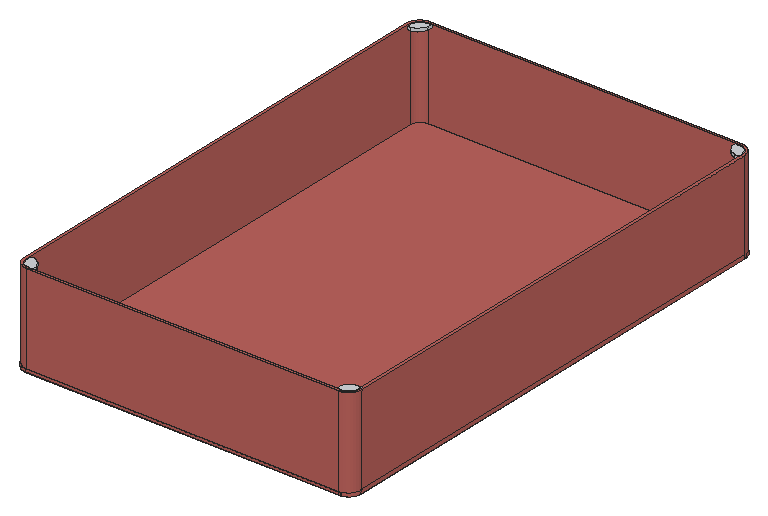
Revit family "Building-RicaricaVeicoliElettrici-GEWISS-JOINON-ICON_SCATOLA-INCASSO", category Apparecchi elettrici, host Superficie, Revit 2019
Family settings
  Host = Superficie
  Mantenere orientamento annotazione = Sì
  Quota connettore circolare = Usa diametro
  Tipo di parte = Normale
  Numero OmniClass = 23.80.30.14.24
  Titolo OmniClass = Junction Boxes
  Taglio con vuoti quando caricato = No
  Condiviso = No
  Punto di calcolo locali = Sì
Parameters (values of type "GWJ8101 - SCATOLA INCASSO I-CON")
  Voltaggio = 0 V
  Versione file RFA = "19.4"
  VISTA DI PIANTA [instance] = yes
  URL = "https://www.gewiss.com/it/it"
  Scheda Tecnica = "https://www.gewiss.com/it/it/search?q=GWJ8101"
  SIMBOLO [instance] = yes
  Produttore = "GEWISS S.p.A."
  Modello = "GWJ8101"
  Immagine tipo = ICON_SCATOLA.jpg
  Tappo = GEWISS - BIANCO RAL 9016
  Scatola = ROSSO RAL 3000
  Default Elevation = 1219.2 mm
  Profondità = 75 mm
  Lunghezza = 273 mm
  Larghezza = 408 mm
  IDT = "52568c1f-1458-40a9-8f05-5bfcde2eb16d"
  IDF = "c2023f01-ca11-4478-8355-9b68cf0f2e0f"
  Distanza orizzontale del simbolo [instance] = 329.446 mm
  Distanza dal muro [instance] = 4.208 mm
  Descrizione: = "Scatola da incasso I-CON"
  Descrizione = "SCATOLA INCASSO I-CON"
  Creato da GEWISS S.p.A. = ""
  Codice Electrocod = "2242"
  Codice EAN = "8034035070815"
  Classificazione = Other
  Catalogo = "E-MOBILITY"
  Carico apparente = 0 VA
  CORNICE SIMBOLO [instance] = yes
  COBie.Tagnumber = ""
  COBie.CreatedOn = ""
  COBie.CreatebBy = ""
  COBie.ComponentRegisterItemID = ""
  COBie.Component.TagNumber = ""
  COBie.Component.Space = ""
  COBie.Component.SerialNumber = ""
  COBie.Component.InstallationDate = ""
  COBie.Component.Description = ""
  COBie.Component.BarCode = ""
  Bordo = 4 mm
  Adatto per = "WallBox I-CON"
Reference planes
  plane 1 "Centro (Fronte/Retro)": y = 0
  plane 2: z = 0
  plane 3 "Centro (Sinistra/Destra)": x = 0
  plane 4: x = -136.5
  plane 5: y = -204
  plane 6: x = 136.5
  plane 7: y = 204
  plane 8: y = 201.823
  plane 9: x = 134.323
  plane 10: y = -201.823
  plane 11: x = -134.323
  plane 12: z = -75
  plane 13: y = 196
  plane 14: y = -196
  plane 15: x = -128.447
  plane 16: x = 128.447
  plane 17: x = -146.5
  plane 18: y = -214
  plane 19: x = 146.5
  plane 20: y = 214
  plane 21: z = 2
  plane 22: x = -329.446
  plane 23: z = -72.563
Forms (mm)
  Extrusion 1, void
    sketch origin (0, 0, 0) x (1, 0, 0) y (0, 1, 0)
      loop
        line (-136.5, 193.5) -> (-136.5, -193.5)
        arc (-136.5, -193.5) -> (-133.425, -200.925) -> (-126, -204) r 10.5
        line (-126, -204) -> (126, -204)
        arc (126, -204) -> (133.425, -200.925) -> (136.5, -193.5) r 10.5
        line (136.5, -193.5) -> (136.5, 193.5)
        arc (136.5, 193.5) -> (133.425, 200.925) -> (126, 204) r 10.5
        line (126, 204) -> (-126, 204)
        arc (-126, 204) -> (-133.425, 200.925) -> (-136.5, 193.5) r 10.5
    from -75 to 0
  Extrusion 2, solid, material "ROSSO RAL 3000" <- "Scatola"
    sketch origin (0, 0, 0) x (1, 0, 0) y (0, 1, 0)
      loop
        arc (-126, 204) -> (-133.425, 200.925) -> (-136.5, 193.5) r 10.5
        line (-136.5, 193.5) -> (-136.5, -193.5)
        arc (-136.5, -193.5) -> (-133.425, -200.925) -> (-126, -204) r 10.5
        line (-126, -204) -> (126, -204)
        arc (126, -204) -> (133.425, -200.925) -> (136.5, -193.5) r 10.5
        line (136.5, -193.5) -> (136.5, 193.5)
        arc (136.5, 193.5) -> (133.425, 200.925) -> (126, 204) r 10.5
        line (126, 204) -> (-126, 204)
      loop
        arc (-126, 201.823) -> (-131.886, 199.386) -> (-134.323, 193.5) r 8.323
        line (-134.323, 193.5) -> (-134.323, -193.5)
        arc (-134.323, -193.5) -> (-131.886, -199.386) -> (-126, -201.823) r 8.323
        line (-126, -201.823) -> (126, -201.823)
        arc (126, -201.823) -> (131.886, -199.386) -> (134.323, -193.5) r 8.323
        line (134.323, -193.5) -> (134.323, 193.5)
        arc (134.323, 193.5) -> (131.886, 199.386) -> (126, 201.823) r 8.323
        line (126, 201.823) -> (-126, 201.823)
    from -75 to 0
  Extrusion 3, solid
    sketch origin (0, 0, 0) x (1, 0, 0) y (0, 1, 0)
      loop
        line (-134.323, 190.384) -> (-131.092, 190.384)
        arc (-131.092, 190.384) -> (-126.164, 193.157) -> (-123.096, 197.907) r 11.782
        line (-123.096, 197.907) -> (-123.096, 201.823) -> (-126, 201.823)
        arc (-126, 201.823) -> (-131.886, 199.386) -> (-134.323, 193.5) r 8.323
        line (-134.323, 193.5) -> (-134.323, 190.384)
      loop
        line (134.323, 190.384) -> (134.323, 193.5)
        arc (134.323, 193.5) -> (131.886, 199.386) -> (126, 201.823) r 8.323
        line (126, 201.823) -> (123.096, 201.823) -> (123.096, 197.907)
        arc (123.096, 197.907) -> (126.164, 193.157) -> (131.092, 190.384) r 11.782
        line (131.092, 190.384) -> (134.323, 190.384)
      loop
        line (-134.323, -190.384) -> (-134.323, -193.5)
        arc (-134.323, -193.5) -> (-131.886, -199.386) -> (-126, -201.823) r 8.323
        line (-126, -201.823) -> (-123.096, -201.823) -> (-123.096, -197.907)
        arc (-123.096, -197.907) -> (-126.164, -193.157) -> (-131.092, -190.384) r 11.782
        line (-131.092, -190.384) -> (-134.323, -190.384)
      loop
        line (134.323, -190.384) -> (131.092, -190.384)
        arc (131.092, -190.384) -> (126.164, -193.157) -> (123.096, -197.907) r 11.782
        line (123.096, -197.907) -> (123.096, -201.823) -> (126, -201.823)
        arc (126, -201.823) -> (131.886, -199.386) -> (134.323, -193.5) r 8.323
        line (134.323, -193.5) -> (134.323, -190.384)
    from -2.208 to 0
  Extrusion 4, void
    sketch origin (0, 0, 0) x (1, 0, 0) y (0, 1, 0)
      loop
        circle (-128.447, 196) r 2.408
      loop
        circle (128.447, 196) r 2.408
      loop
        circle (-128.447, -196) r 2.408
      loop
        circle (128.447, -196) r 2.408
    from -2.208 to 2
  Extrusion 5, solid, material "ROSSO RAL 3000" <- "Scatola"
    sketch origin (0, 0, 0) x (1, 0, 0) y (0, 1, 0)
      loop
        line (126.5, 204) -> (-126.5, 204)
        arc (-126.5, 204) -> (-133.571, 201.071) -> (-136.5, 194) r 10
        line (-136.5, 194) -> (-136.5, -194)
        arc (-136.5, -194) -> (-133.571, -201.071) -> (-126.5, -204) r 10
        line (-126.5, -204) -> (126.5, -204)
        arc (126.5, -204) -> (133.571, -201.071) -> (136.5, -194) r 10
        line (136.5, -194) -> (136.5, 194)
        arc (136.5, 194) -> (133.571, 201.071) -> (126.5, 204) r 10
    from -75 to -72.563
Lines and regions (mm)
  Masking region 1, visible <- "VISTA DI PIANTA"
    outline origin (0, 0, 0) x (1, 0, 0) y (0, 0, 1)
      loop
        line (-136.5, -75) -> (136.5, -75) -> (136.5, 0) -> (-136.5, 0) -> (-136.5, -75)
  Masking region 2, visible <- "VISTA DI PIANTA"
    outline origin (0, 0, 0) x (1, 0, 0) y (0, 0, 1)
      loop
        line (-146.5, 0) -> (146.5, 0) -> (146.5, 2) -> (-146.5, 2) -> (-146.5, 0)
  Masking region 3
    outline origin (0, 0, 0) x (0, 1, 0) y (0, 0, 1)
      loop
        line (-204, -75) -> (204, -75) -> (204, 0) -> (-204, 0) -> (-204, -75)
  Masking region 4
    outline origin (0, 0, 0) x (0, 1, 0) y (0, 0, 1)
      loop
        line (-214, 0) -> (214, 0) -> (214, 2) -> (-214, 2) -> (-214, 0)
Dimensions and locks
  equal spacing: plane 7, plane 1 "Centro (Fronte/Retro)", plane 5
  equal spacing: plane 4, plane 3 "Centro (Sinistra/Destra)", plane 6
  "Lunghezza": plane 4 to plane 6
  "Larghezza": plane 7 to plane 5
  plane 4 to plane 11 = 2.177 mm  (x2)
  plane 9 to plane 6 = 2.177 mm  (x2)
  plane 10 to plane 5 = 2.177 mm
  plane 7 to plane 8 = 2.177 mm
  "Profondità": plane 2 to plane 12
  locked: plane 11 to plane 15 at 5.876
  locked: plane 7 to plane 13 at 8
  locked: plane 14 to plane 5 at 8
  locked: plane 16 to plane 6 at 8.053
  locked: plane 2 to Extrusion 3 at 2.208
  locked: plane 20 to plane 7 at 10
  locked: plane 17 to plane 4 at 10
  locked: plane 5 to plane 18 at 10
  locked: plane 6 to plane 19 at 10
  plane 21 to plane 2 = 2 mm
  "Distanza orizzontale del simbolo": plane 22 to plane 3 "Centro (Sinistra/Destra)"
  aligned and locked: plane 2 to host face
  aligned and locked: level to host face
  aligned and locked: Extrusion 1 sketch curve to plane 4
  aligned and locked: Extrusion 1 sketch curve to plane 7
  aligned and locked: Extrusion 1 sketch curve to plane 6
  aligned and locked: Extrusion 1 sketch curve to plane 5
  aligned and locked: Extrusion 1 to plane 12
  aligned and locked: plane 2 to Extrusion 1
  aligned and locked: Extrusion 2 sketch curve to plane 4
  aligned and locked: Extrusion 2 sketch curve to plane 11
  aligned and locked: Extrusion 2 sketch curve to plane 10
  aligned and locked: Extrusion 2 sketch curve to plane 5
  aligned and locked: Extrusion 2 sketch curve to plane 6
  aligned and locked: Extrusion 2 sketch curve to plane 9
  aligned and locked: Extrusion 2 sketch curve to plane 8
  aligned and locked: Extrusion 2 sketch curve to plane 7
  aligned and locked: Extrusion 2 to plane 12
  aligned and locked: plane 2 to Extrusion 2
  aligned and locked: plane 11 to Extrusion 3 sketch curve  (x2)
  aligned and locked: Extrusion 3 sketch curve to plane 8  (x2)
  aligned and locked: Extrusion 3 sketch curve to plane 10  (x2)
  aligned and locked: plane 9 to Extrusion 3 sketch curve  (x2)
  aligned and locked: plane 2 to Extrusion 3
  aligned and locked: plane 15 to Extrusion 4 sketch curve
  aligned and locked: plane 13 to Extrusion 4 sketch curve
  aligned and locked: Extrusion 4 sketch curve to plane 16
  aligned and locked: Extrusion 4 sketch curve to plane 13
  aligned and locked: plane 14 to Extrusion 4 sketch curve
  aligned and locked: plane 16 to Extrusion 4 sketch curve
  aligned and locked: Extrusion 4 sketch curve to plane 15
  aligned and locked: Extrusion 4 sketch curve to plane 14
  aligned and locked: Extrusion 3 to Extrusion 4
  aligned and locked: plane 21 to Extrusion 4
  aligned and locked: Masking region 1 sketch curve to Extrusion 2  (x4)
  aligned and locked: Masking region 3 sketch curve to Extrusion 2  (x4)
  aligned and locked: plane 3 "Centro (Sinistra/Destra)" to nested 1
  aligned and locked: plane 1 "Centro (Fronte/Retro)" to nested 1
  aligned and locked: Extrusion 5 sketch curve to nested 1  (x4)
  aligned and locked: Extrusion 5 to plane 12
  aligned and locked: plane 23 to Extrusion 5
Automatic sketch dimensions
  host sketch curve to host sketch curve = 2438.4 mm  (x2)
  Extrusion 1 sketch curve to Extrusion 1 sketch curve = 0 mm  (x3)
  plane 11 to Extrusion 1 sketch curve = 8.323 mm
  Extrusion 2 sketch curve to Extrusion 2 sketch curve = 0 mm  (x13)
  Extrusion 2 sketch curve to plane 9 = 0 mm
  plane 10 to Extrusion 2 sketch curve = 0 mm
  plane 5 to Extrusion 2 sketch curve = 10.5 mm  (x2)
  Extrusion 2 sketch curve to plane 7 = 10.5 mm  (x2)
  plane 4 to Extrusion 2 sketch curve = 10.5 mm
  plane 11 to Extrusion 2 sketch curve = 8.323 mm
  Extrusion 2 sketch curve to plane 6 = 10.5 mm
  plane 11 to Extrusion 2 sketch curve = 0 mm  (x2)
  plane 11 to Extrusion 3 sketch curve = 0.085 mm  (x2)
  Extrusion 3 sketch curve to plane 15 = 2.645 mm  (x2)
  plane 15 to Extrusion 3 sketch curve = 2.447 mm  (x2)
  Extrusion 3 sketch curve to Extrusion 3 sketch curve = 2.904 mm  (x2)
  plane 16 to Extrusion 3 sketch curve = 5.351 mm  (x2)
  plane 16 to Extrusion 3 sketch curve = 2.447 mm  (x2)
  Extrusion 3 sketch curve to plane 16 = 2.645 mm  (x2)
  Extrusion 3 sketch curve to plane 9 = 0.085 mm  (x2)
  plane 10 to Extrusion 3 sketch curve = 0.085 mm  (x2)
  plane 14 to Extrusion 3 sketch curve = 1.907 mm  (x2)
  Extrusion 3 sketch curve to plane 14 = 2.5 mm  (x2)
  Extrusion 3 sketch curve to plane 13 = 5.616 mm  (x2)
  Extrusion 3 sketch curve to plane 13 = 2.5 mm  (x2)
  plane 13 to Extrusion 3 sketch curve = 1.907 mm  (x2)
  plane 11 to Extrusion 3 sketch curve = 0 mm
  Extrusion 3 sketch curve to Extrusion 3 sketch curve = 0 mm  (x11)
  Masking region 2 sketch curve to plane 17 = 0 mm
  plane 19 to Masking region 2 sketch curve = 0 mm
  Masking region 2 sketch curve to level = 0 mm
  Masking region 2 sketch curve to plane 21 = 0 mm
  Masking region 4 sketch curve to plane 18 = 0 mm
  Masking region 4 sketch curve to plane 20 = 0 mm
  Masking region 4 sketch curve to level = 0 mm
  Masking region 4 sketch curve to plane 21 = 0 mm
  Extrusion 5 sketch curve to Extrusion 5 sketch curve = 0 mm
  radius of Extrusion 4 sketch curve = 2.408 mm  (x4)
Nested families
  nested 1: "2D - 48PTDIN CASSETTE DERIVAZIONE INCASSO" at (0, 0, 0), Larghezza <- "Larghezza", Lunghezza <- "Lunghezza", type "BIDIMENSIONALE"
    with Lunghezza 273 mm, Larghezza 408 mm
Connectors
  electrical at (0, 0, -75), driven by "Voltaggio", driven by "Classificazione", driven by "Carico apparente"
    settings: on host face, index 1, voltage 0 V, apparent load 0 VA, apparent load phase1 0 VA, apparent load phase2 0 VA, apparent load phase3 0 VA, power factor 1, load classification "Other", number of poles 1, system type 31, power factor state 1, is connector primary yes, connector utility no, sub classification motor no, connector description ""
Definition of nested family "2D - 48PTDIN CASSETTE DERIVAZIONE INCASSO"
  Parameters (values of type "BIDIMENSIONALE")
    Lunghezza [instance] = 240 mm
    Larghezza [instance] = 200 mm
  Reference planes
    plane 1 "Centro (Fronte/Retro)": y = 0
    plane 2: z = 0
    plane 3 "Centro (Sinistra/Destra)": x = 0
    plane 4: x = -120
    plane 5: x = 120
    plane 6: y = 100
    plane 7: y = -100
  Lines and regions (mm)
    detail lines, in view "Livello rif.", not visible
      curve 1: arc (-58.896, -2.752, 0) -> (-58.521, -2.777, 0) -> (-58.147, -2.752, 0) r 2.777
      curve 2: line (-58.896, 2.752, 0) -> (-58.896, 0.471, 0)
      curve 3: line (-58.896, 0.471, 0) -> (-60.229, 0.471, 0)
      curve 4: line (-60.229, 0.471, 0) -> (-60.229, -0.471, 0)
      curve 5: line (-58.147, 2.752, 0) -> (-58.147, 0.471, 0)
      curve 6: line (-58.147, 0.471, 0) -> (-56.814, 0.471, 0)
      curve 7: line (-58.147, -2.752, 0) -> (-58.147, -0.471, 0)
      curve 8: line (-58.147, -0.471, 0) -> (-56.814, -0.471, 0)
      curve 9: line (-58.896, -2.752, 0) -> (-58.896, -0.471, 0)
      curve 10: line (-58.896, -0.471, 0) -> (-60.229, -0.471, 0)
      curve 11: line (-56.814, 0.471, 0) -> (-56.814, -0.471, 0)
      curve 12: arc (-58.147, -2.752, 0) -> (-55.744, 0, 0) -> (-58.147, 2.752, 0) r 2.777
      curve 13: arc (-58.896, 2.752, 0) -> (-61.298, 0, 0) -> (-58.896, -2.752, 0) r 2.777
      curve 14: arc (-58.147, 2.752, 0) -> (-58.521, 2.777, 0) -> (-58.896, 2.752, 0) r 2.777
      curve 15: line (-52.546, 11.442, 0) -> (-49.625, 8.458, 0)
      curve 16: line (-50.324, 7.759, 0) -> (-52.991, 10.426, 0)
      curve 17: line (-52.991, 10.426, 0) -> (-52.546, 11.442, 0)
      curve 18: line (-37.306, 8.14, 0) -> (-36.607, 7.441, 0)
      curve 19: arc (-49.625, 8.458, 0) -> (-43.53, 5.801, 0) -> (-37.306, 8.14, 0) r 8.848
      curve 20: arc (-50.324, 7.759, 0) -> (-43.53, 4.813, 0) -> (-36.607, 7.441, 0) r 9.835
      curve 21: line (-39.92, 24.089, 0) -> (-36.936, 21.168, 0)
      curve 22: line (-36.237, 21.867, 0) -> (-38.904, 24.534, 0)
      curve 23: line (-38.904, 24.534, 0) -> (-39.92, 24.089, 0)
      curve 24: line (-36.618, 8.849, 0) -> (-35.919, 8.15, 0)
      curve 25: arc (-36.936, 21.168, 0) -> (-34.28, 15.073, 0) -> (-36.618, 8.849, 0) r 8.848
      curve 26: arc (-36.237, 21.867, 0) -> (-33.292, 15.073, 0) -> (-35.919, 8.15, 0) r 9.835
      curve 411: arc (-88, -219.002, 0) -> (-95.071, -221.931, 0) -> (-98, -229.002, 0) r 10
      curve 412: arc (98, -229.002, 0) -> (95.071, -221.931, 0) -> (88, -219.002, 0) r 10
      curve 413: arc (88, -371.002, 0) -> (95.071, -368.073, 0) -> (98, -361.002, 0) r 10
      curve 414: arc (-98, -361.002, 0) -> (-95.071, -368.073, 0) -> (-88, -371.002, 0) r 10
      curve 415: arc (86.883, -363.908, 0) -> (86.878, -366.121, 0) -> (89.09, -366.122, 0) r 1.563
      curve 416: arc (93.118, -362.095, 0) -> (93.122, -359.883, 0) -> (90.91, -359.881, 0) r 1.563
      curve 417: arc (-90.907, -359.884, 0) -> (-93.119, -359.88, 0) -> (-93.12, -362.092, 0) r 1.563
      curve 418: arc (-89.093, -366.119, 0) -> (-86.881, -366.124, 0) -> (-86.88, -363.912, 0) r 1.563
      curve 419: arc (90.907, -230.119, 0) -> (93.117, -230.125, 0) -> (93.123, -227.915, 0) r 1.563
      curve 420: arc (89.093, -223.884, 0) -> (86.883, -223.878, 0) -> (86.876, -226.088, 0) r 1.563
      curve 421: arc (-86.88, -226.092, 0) -> (-86.882, -223.878, 0) -> (-89.095, -223.886, 0) r 1.563
      curve 422: arc (-93.12, -227.912, 0) -> (-93.118, -230.125, 0) -> (-90.905, -230.117, 0) r 1.563
      curve 423: arc (87.998, -368.627, 0) -> (93.394, -366.392, 0) -> (95.629, -360.996, 0) r 7.631
      curve 424: arc (-95.624, -361.003, 0) -> (-93.392, -366.394, 0) -> (-88.001, -368.627, 0) r 7.624
      curve 425: arc (95.629, -228.995, 0) -> (93.396, -223.606, 0) -> (88.007, -221.373, 0) r 7.622
      curve 426: arc (-87.994, -221.373, 0) -> (-93.39, -223.608, 0) -> (-95.624, -229.004, 0) r 7.63
      curve 427: arc (90.462, -358.039, 0) -> (87.315, -360.317, 0) -> (85.037, -363.463, 0) r 12.282
      curve 428: arc (94.229, -357.078, 0) -> (93.406, -357.124, 0) -> (92.588, -357.226, 0) r 12.113
      curve 429: arc (84.225, -365.59, 0) -> (84.122, -366.409, 0) -> (84.076, -367.234, 0) r 12.113
      curve 430: arc (-85.037, -363.463, 0) -> (-87.315, -360.317, 0) -> (-90.462, -358.039, 0) r 12.282
      curve 431: arc (-92.588, -357.226, 0) -> (-93.406, -357.124, 0) -> (-94.229, -357.078, 0) r 12.113
      curve 432: arc (-84.076, -367.235, 0) -> (-84.122, -366.41, 0) -> (-84.225, -365.59, 0) r 12.113
      curve 433: arc (85.037, -226.54, 0) -> (87.315, -229.686, 0) -> (90.462, -231.964, 0) r 12.282
      curve 434: arc (92.588, -232.777, 0) -> (93.406, -232.879, 0) -> (94.229, -232.925, 0) r 12.113
      curve 435: arc (84.076, -222.769, 0) -> (84.122, -223.594, 0) -> (84.225, -224.414, 0) r 12.113
      curve 436: arc (-90.462, -231.964, 0) -> (-87.315, -229.686, 0) -> (-85.037, -226.54, 0) r 12.282
      curve 437: arc (-94.229, -232.925, 0) -> (-93.406, -232.879, 0) -> (-92.588, -232.777, 0) r 12.113
      curve 438: arc (-84.225, -224.413, 0) -> (-84.122, -223.594, 0) -> (-84.076, -222.769, 0) r 12.113
      curve 439: arc (84.425, -364.963, 0) -> (84.32, -365.275, 0) -> (84.225, -365.59, 0) r 12.26
      curve 440: arc (84.225, -224.414, 0) -> (84.32, -224.728, 0) -> (84.425, -225.04, 0) r 12.26
      curve 441: arc (-84.225, -365.59, 0) -> (-84.32, -365.275, 0) -> (-84.425, -364.963, 0) r 12.26
      curve 442: arc (-84.425, -225.04, 0) -> (-84.32, -224.728, 0) -> (-84.225, -224.413, 0) r 12.26
      curve 443: arc (84.076, -367.234, 0) -> (84.003, -367.833, 0) -> (83.959, -368.434, 0) r 12.054
      curve 444: arc (-83.959, -368.434, 0) -> (-84.003, -367.833, 0) -> (-84.076, -367.235, 0) r 12.054
      curve 445: arc (94.229, -232.925, 0) -> (94.828, -232.999, 0) -> (95.43, -233.043, 0) r 12.055
      curve 446: arc (91.962, -232.577, 0) -> (92.274, -232.681, 0) -> (92.588, -232.777, 0) r 12.26
      curve 447: arc (92.588, -357.226, 0) -> (92.274, -357.322, 0) -> (91.962, -357.426, 0) r 12.26
      curve 448: arc (95.43, -356.961, 0) -> (94.828, -357.004, 0) -> (94.229, -357.078, 0) r 12.055
      curve 449: arc (-95.43, -233.043, 0) -> (-94.828, -232.999, 0) -> (-94.229, -232.925, 0) r 12.055
      curve 450: arc (-91.962, -357.426, 0) -> (-92.274, -357.322, 0) -> (-92.588, -357.226, 0) r 12.26
      curve 451: arc (-92.588, -232.777, 0) -> (-92.274, -232.681, 0) -> (-91.962, -232.577, 0) r 12.26
      curve 452: arc (-94.229, -357.078, 0) -> (-94.828, -357.004, 0) -> (-95.43, -356.961, 0) r 12.055
      curve 453: arc (83.959, -221.569, 0) -> (84.003, -222.171, 0) -> (84.076, -222.769, 0) r 12.054
      curve 454: arc (-84.076, -222.769, 0) -> (-84.003, -222.171, 0) -> (-83.959, -221.569, 0) r 12.054
      curve 455: line (87.5, -241.002, 0) -> (87.5, -249.624, 0)
      curve 456: line (-98, -361.002, 0) -> (-98, -229.002, 0)
      curve 457: line (-88, -219.002, 0) -> (88, -219.002, 0)
      curve 458: line (89.09, -366.122, 0) -> (93.118, -362.095, 0)
      curve 459: line (86.883, -363.908, 0) -> (90.91, -359.881, 0)
      curve 542: line (-86.88, -363.912, 0) -> (-90.907, -359.884, 0)
      curve 543: line (-89.093, -366.119, 0) -> (-93.12, -362.092, 0)
      curve 544: line (86.876, -226.088, 0) -> (90.907, -230.119, 0)
      curve 545: line (89.093, -223.884, 0) -> (93.123, -227.915, 0)
      curve 546: line (-89.095, -223.886, 0) -> (-93.12, -227.912, 0)
      curve 547: line (-86.88, -226.092, 0) -> (-90.905, -230.117, 0)
      curve 548: line (95.629, -360.996, 0) -> (95.629, -228.995, 0)
      curve 549: line (88.007, -221.373, 0) -> (-87.994, -221.373, 0)
      curve 550: line (-95.624, -361.003, 0) -> (-95.624, -229.004, 0)
      curve 551: line (87.998, -368.627, 0) -> (-88.001, -368.627, 0)
      curve 552: line (23.15, -226.54, 0) -> (62.05, -226.54, 0)
      curve 553: line (90.462, -255.352, 0) -> (90.462, -294.252, 0)
      curve 554: line (90.462, -295.752, 0) -> (90.462, -334.652, 0)
      curve 555: line (23.15, -363.463, 0) -> (62.05, -363.463, 0)
      curve 556: line (-62.05, -363.463, 0) -> (-23.15, -363.463, 0)
      curve 557: line (-90.462, -295.752, 0) -> (-90.462, -334.652, 0)
      curve 558: line (-90.462, -255.352, 0) -> (-90.462, -294.252, 0)
      curve 559: line (-62.05, -226.54, 0) -> (-23.15, -226.54, 0)
      curve 560: line (90.462, -336.152, 0) -> (90.462, -358.039, 0)
      curve 561: line (90.462, -358.039, 0) -> (90.959, -357.802, 0)
      curve 562: line (90.959, -357.802, 0) -> (90.462, -358.039, 0)
      curve 563: line (63.55, -363.463, 0) -> (85.037, -363.463, 0)
      curve 564: line (85.037, -363.463, 0) -> (84.8, -363.96, 0)
      curve 565: line (84.8, -363.96, 0) -> (85.037, -363.463, 0)
      curve 566: line (-85.037, -363.463, 0) -> (-84.8, -363.96, 0)
      curve 567: line (-84.8, -363.96, 0) -> (-85.037, -363.463, 0)
      curve 568: line (-85.037, -363.463, 0) -> (-63.55, -363.463, 0)
      curve 569: line (-90.462, -336.152, 0) -> (-90.462, -358.039, 0)
      curve 570: line (-90.462, -358.039, 0) -> (-90.959, -357.802, 0)
      curve 571: line (-90.959, -357.802, 0) -> (-90.462, -358.039, 0)
      curve 572: line (63.55, -226.54, 0) -> (85.037, -226.54, 0)
      curve 573: line (85.037, -226.54, 0) -> (84.8, -226.043, 0)
      curve 574: line (84.8, -226.043, 0) -> (85.037, -226.54, 0)
      curve 575: line (90.462, -231.964, 0) -> (90.959, -232.201, 0)
      curve 576: line (90.959, -232.201, 0) -> (90.462, -231.964, 0)
      curve 577: line (90.462, -231.964, 0) -> (90.462, -253.852, 0)
      curve 578: line (-90.462, -231.964, 0) -> (-90.959, -232.201, 0)
      curve 579: line (-90.959, -232.201, 0) -> (-90.462, -231.964, 0)
      curve 580: line (-90.462, -231.964, 0) -> (-90.462, -253.852, 0)
      curve 581: line (-85.037, -226.54, 0) -> (-84.8, -226.043, 0)
      curve 582: line (-84.8, -226.043, 0) -> (-85.037, -226.54, 0)
      curve 583: line (-85.037, -226.54, 0) -> (-63.55, -226.54, 0)
      curve 584: line (1.2, -363.463, 0) -> (21.65, -363.463, 0)
      curve 585: line (1.2, -226.54, 0) -> (21.65, -226.54, 0)
      curve 586: line (-21.65, -363.463, 0) -> (-1.2, -363.463, 0)
      curve 587: line (-21.65, -226.54, 0) -> (-1.2, -226.54, 0)
      curve 588: line (84.408, -225.042, 0) -> (84.476, -225.241, 0)
      curve 589: line (84.476, -225.241, 0) -> (84.41, -225.048, 0)
      curve 590: line (84.476, -225.241, 0) -> (84.8, -226.043, 0)
      curve 591: line (84.8, -226.043, 0) -> (84.476, -225.241, 0)
      curve 592: line (1.2, -230.002, 0) -> (11.368, -230.002, 0)
      curve 593: line (11.368, -230.002, 0) -> (21.65, -230.002, 0)
      curve 594: line (21.65, -230.002, 0) -> (21.65, -225.07, 0)
      curve 595: line (21.65, -225.07, 0) -> (23.15, -225.07, 0)
      curve 596: line (23.15, -225.07, 0) -> (23.15, -230.002, 0)
      curve 597: line (23.15, -230.002, 0) -> (62.05, -230.002, 0)
      curve 598: line (62.05, -230.002, 0) -> (62.05, -225.07, 0)
      curve 599: line (62.05, -225.07, 0) -> (63.55, -225.07, 0)
      curve 600: line (63.55, -225.07, 0) -> (63.55, -230.002, 0)
      curve 601: line (63.55, -230.002, 0) -> (77.5, -230.002, 0)
      curve 602: line (77.5, -230.002, 0) -> (87.5, -240.002, 0)
      curve 603: line (87.5, -240.002, 0) -> (87.5, -253.852, 0)
      curve 604: line (87.5, -253.852, 0) -> (91.932, -253.852, 0)
      curve 605: line (91.932, -253.852, 0) -> (91.932, -255.352, 0)
      curve 606: line (91.932, -255.352, 0) -> (87.5, -255.352, 0)
      curve 607: line (87.5, -255.352, 0) -> (87.5, -294.252, 0)
      curve 608: line (87.5, -294.252, 0) -> (91.932, -294.252, 0)
      curve 609: line (91.932, -294.252, 0) -> (91.932, -295.002, 0)
      curve 610: line (91.932, -295.002, 0) -> (91.932, -295.752, 0)
      curve 611: line (91.932, -295.752, 0) -> (87.5, -295.752, 0)
      curve 612: line (87.5, -295.752, 0) -> (87.5, -334.652, 0)
      curve 613: line (87.5, -334.652, 0) -> (91.932, -334.652, 0)
      curve 614: line (91.932, -334.652, 0) -> (91.932, -336.152, 0)
      curve 615: line (91.932, -336.152, 0) -> (87.5, -336.152, 0)
      curve 616: line (87.5, -336.152, 0) -> (87.5, -350.002, 0)
      curve 617: line (87.5, -350.002, 0) -> (77.5, -360.002, 0)
      curve 618: line (77.5, -360.002, 0) -> (63.55, -360.002, 0)
      curve 619: line (63.55, -360.002, 0) -> (63.55, -364.933, 0)
      curve 620: line (91.959, -232.594, 0) -> (91.76, -232.525, 0)
      curve 621: line (91.76, -232.525, 0) -> (91.954, -232.592, 0)
      curve 622: line (91.76, -232.525, 0) -> (90.959, -232.201, 0)
      curve 623: line (90.959, -232.201, 0) -> (91.76, -232.525, 0)
      curve 624: line (91.959, -357.41, 0) -> (91.76, -357.478, 0)
      curve 625: line (91.76, -357.478, 0) -> (91.954, -357.411, 0)
      curve 626: line (91.76, -357.478, 0) -> (90.959, -357.802, 0)
      curve 627: line (90.959, -357.802, 0) -> (91.76, -357.478, 0)
      curve 628: line (1.2, -360.002, 0) -> (11.368, -360.002, 0)
      curve 629: line (11.368, -360.002, 0) -> (21.65, -360.002, 0)
      curve 630: line (21.65, -360.002, 0) -> (21.65, -364.933, 0)
      curve 631: line (21.65, -364.933, 0) -> (23.15, -364.933, 0)
      curve 632: line (23.15, -364.933, 0) -> (23.15, -360.002, 0)
      curve 633: line (23.15, -360.002, 0) -> (62.05, -360.002, 0)
      curve 634: line (62.05, -360.002, 0) -> (62.05, -364.933, 0)
      curve 635: line (62.05, -364.933, 0) -> (63.55, -364.933, 0)
      curve 636: line (84.408, -364.961, 0) -> (84.476, -364.762, 0)
      curve 637: line (84.476, -364.762, 0) -> (84.41, -364.955, 0)
      curve 638: line (84.476, -364.762, 0) -> (84.8, -363.96, 0)
      curve 639: line (84.8, -363.96, 0) -> (84.476, -364.762, 0)
      curve 640: line (-1.2, -360.002, 0) -> (-11.368, -360.002, 0)
      curve 641: line (-11.368, -360.002, 0) -> (-21.65, -360.002, 0)
      curve 642: line (-21.65, -360.002, 0) -> (-21.65, -364.933, 0)
      curve 643: line (-21.65, -364.933, 0) -> (-23.15, -364.933, 0)
      curve 644: line (-23.15, -364.933, 0) -> (-23.15, -360.002, 0)
      curve 645: line (-23.15, -360.002, 0) -> (-62.05, -360.002, 0)
      curve 646: line (-62.05, -360.002, 0) -> (-62.05, -364.933, 0)
      curve 647: line (-62.05, -364.933, 0) -> (-63.55, -364.933, 0)
      curve 648: line (-63.55, -364.933, 0) -> (-63.55, -360.002, 0)
      curve 649: line (-63.55, -360.002, 0) -> (-77.5, -360.002, 0)
      curve 650: line (-77.5, -360.002, 0) -> (-87.5, -350.002, 0)
      curve 651: line (-87.5, -350.002, 0) -> (-87.5, -336.152, 0)
      curve 652: line (-87.5, -336.152, 0) -> (-91.932, -336.152, 0)
      curve 653: line (-84.41, -364.955, 0) -> (-84.476, -364.762, 0)
      curve 654: line (-84.476, -364.762, 0) -> (-84.408, -364.961, 0)
      curve 655: line (-84.476, -364.762, 0) -> (-84.8, -363.96, 0)
      curve 656: line (-84.8, -363.96, 0) -> (-84.476, -364.762, 0)
      curve 657: line (-91.932, -336.152, 0) -> (-91.932, -334.652, 0)
      curve 658: line (-91.932, -334.652, 0) -> (-87.5, -334.652, 0)
      curve 659: line (-87.5, -334.652, 0) -> (-87.5, -295.752, 0)
      curve 660: line (-87.5, -295.752, 0) -> (-91.932, -295.752, 0)
      curve 661: line (-91.959, -357.41, 0) -> (-91.76, -357.478, 0)
      curve 662: line (-91.76, -357.478, 0) -> (-91.954, -357.411, 0)
      curve 663: line (-91.76, -357.478, 0) -> (-90.959, -357.802, 0)
      curve 664: line (-90.959, -357.802, 0) -> (-91.76, -357.478, 0)
      curve 665: line (-91.959, -232.594, 0) -> (-91.76, -232.525, 0)
      curve 666: line (-91.76, -232.525, 0) -> (-91.954, -232.592, 0)
      curve 667: line (-91.76, -232.525, 0) -> (-90.959, -232.201, 0)
      curve 668: line (-90.959, -232.201, 0) -> (-91.76, -232.525, 0)
      curve 669: line (-91.932, -295.752, 0) -> (-91.932, -295.002, 0)
      curve 670: line (-91.932, -295.002, 0) -> (-91.932, -294.252, 0)
      curve 671: line (-91.932, -294.252, 0) -> (-87.5, -294.252, 0)
      curve 672: line (-87.5, -294.252, 0) -> (-87.5, -255.352, 0)
      curve 673: line (-87.5, -255.352, 0) -> (-91.932, -255.352, 0)
      curve 674: line (-91.932, -255.352, 0) -> (-91.932, -253.852, 0)
      curve 675: line (-91.932, -253.852, 0) -> (-87.5, -253.852, 0)
      curve 676: line (-87.5, -253.852, 0) -> (-87.5, -240.002, 0)
      curve 677: line (-87.5, -240.002, 0) -> (-77.5, -230.002, 0)
      curve 678: line (-77.5, -230.002, 0) -> (-63.55, -230.002, 0)
      curve 679: line (-63.55, -230.002, 0) -> (-63.55, -225.07, 0)
      curve 680: line (-63.55, -225.07, 0) -> (-62.05, -225.07, 0)
      curve 681: line (-62.05, -225.07, 0) -> (-62.05, -230.002, 0)
      curve 682: line (-62.05, -230.002, 0) -> (-23.15, -230.002, 0)
      curve 683: line (-23.15, -230.002, 0) -> (-23.15, -225.07, 0)
      curve 684: line (-23.15, -225.07, 0) -> (-21.65, -225.07, 0)
      curve 685: line (-21.65, -225.07, 0) -> (-21.65, -230.002, 0)
      curve 686: line (-21.65, -230.002, 0) -> (-11.368, -230.002, 0)
      curve 687: line (-11.368, -230.002, 0) -> (-1.2, -230.002, 0)
      curve 688: line (-84.408, -225.042, 0) -> (-84.476, -225.241, 0)
      curve 689: line (-84.476, -225.241, 0) -> (-84.41, -225.048, 0)
      curve 690: line (-84.476, -225.241, 0) -> (-84.8, -226.043, 0)
      curve 691: line (-84.8, -226.043, 0) -> (-84.476, -225.241, 0)
      curve 692: line (1.2, -368.589, 0) -> (1.2, -358.502, 0)
      curve 693: line (1.2, -358.502, 0) -> (11.368, -358.502, 0)
      curve 694: line (11.368, -358.502, 0) -> (76.879, -358.502, 0)
      curve 695: line (76.879, -358.502, 0) -> (86, -349.38, 0)
      curve 696: line (86, -349.38, 0) -> (86, -240.557, 0)
      curve 697: line (86, -240.557, 0) -> (76.945, -231.502, 0)
      curve 698: line (76.945, -231.502, 0) -> (11.368, -231.502, 0)
      curve 699: line (11.368, -231.502, 0) -> (1.2, -231.502, 0)
      curve 700: line (1.2, -231.502, 0) -> (1.2, -221.414, 0)
      curve 701: line (-1.2, -368.589, 0) -> (-1.2, -358.502, 0)
      curve 702: line (-1.2, -358.502, 0) -> (-11.368, -358.502, 0)
      curve 703: line (-11.368, -358.502, 0) -> (-76.945, -358.502, 0)
      curve 704: line (-76.945, -358.502, 0) -> (-86, -349.447, 0)
      curve 705: line (-86, -349.447, 0) -> (-86, -240.557, 0)
      curve 706: line (-86, -240.557, 0) -> (-76.945, -231.502, 0)
      curve 707: line (-76.945, -231.502, 0) -> (-11.368, -231.502, 0)
      curve 708: line (-11.368, -231.502, 0) -> (-1.2, -231.502, 0)
      curve 709: line (-1.2, -231.502, 0) -> (-1.2, -221.414, 0)
      curve 710: line (-88, -371.002, 0) -> (88, -371.002, 0)
      curve 711: line (98, -361.002, 0) -> (98, -229.002, 0)
      curve 712: line (0, -221.373, 0) -> (0, -368.627, 0)
    detail lines, in view "Livello rif."
      curve 27: arc (-110, 100, 0) -> (-117.071, 97.071, 0) -> (-120, 90, 0) r 10
      curve 28: arc (120, 90, 0) -> (117.071, 97.071, 0) -> (110, 100, 0) r 10
      curve 29: arc (110, -100, 0) -> (117.071, -97.071, 0) -> (120, -90, 0) r 10
      curve 30: arc (-120, -90, 0) -> (-117.071, -97.071, 0) -> (-110, -100, 0) r 10
      curve 39: arc (109.998, -97.625, 0) -> (115.394, -95.39, 0) -> (117.629, -89.994, 0) r 7.631
      curve 40: arc (-117.624, -90.001, 0) -> (-115.392, -95.392, 0) -> (-110.001, -97.625, 0) r 7.624
      curve 41: arc (117.629, 90.006, 0) -> (115.396, 95.396, 0) -> (110.007, 97.628, 0) r 7.622
      curve 42: arc (-109.994, 97.628, 0) -> (-115.39, 95.393, 0) -> (-117.624, 89.998, 0) r 7.63
      curve 72: line (-120, -90, 0) -> (-120, 90, 0)
      curve 73: line (-110, 100, 0) -> (110, 100, 0)
      curve 164: line (117.629, -89.994, 0) -> (117.629, 90.006, 0)
      curve 165: line (110.007, 97.628, 0) -> (-109.994, 97.628, 0)
      curve 166: line (-117.624, -90.001, 0) -> (-117.624, 89.998, 0)
      curve 167: line (109.998, -97.625, 0) -> (-110.001, -97.625, 0)
      curve 326: line (-110, -100, 0) -> (110, -100, 0)
      curve 327: line (120, -90, 0) -> (120, 90, 0)
    detail lines, in view "Livello rif.", detail levels medium+fine
      curve 31: arc (108.883, -92.907, 0) -> (108.878, -95.119, 0) -> (111.09, -95.121, 0) r 1.563
      curve 32: arc (115.118, -91.093, 0) -> (115.122, -88.881, 0) -> (112.91, -88.879, 0) r 1.563
      curve 33: arc (-112.907, -88.882, 0) -> (-115.119, -88.878, 0) -> (-115.12, -91.09, 0) r 1.563
      curve 34: arc (-111.093, -95.117, 0) -> (-108.881, -95.122, 0) -> (-108.88, -92.91, 0) r 1.563
      curve 35: arc (112.907, 88.883, 0) -> (115.117, 88.876, 0) -> (115.123, 91.087, 0) r 1.563
      curve 36: arc (111.093, 95.118, 0) -> (108.883, 95.124, 0) -> (108.876, 92.913, 0) r 1.563
      curve 37: arc (-108.88, 92.91, 0) -> (-108.882, 95.123, 0) -> (-111.095, 95.115, 0) r 1.563
      curve 38: arc (-115.12, 91.09, 0) -> (-115.118, 88.877, 0) -> (-112.905, 88.885, 0) r 1.563
      curve 43: arc (112.462, -87.037, 0) -> (109.315, -89.315, 0) -> (107.037, -92.462, 0) r 12.282
      curve 44: arc (116.229, -86.076, 0) -> (115.406, -86.123, 0) -> (114.588, -86.225, 0) r 12.113
      curve 45: arc (106.225, -94.588, 0) -> (106.122, -95.408, 0) -> (106.076, -96.233, 0) r 12.113
      curve 46: arc (-107.037, -92.462, 0) -> (-109.315, -89.315, 0) -> (-112.462, -87.037, 0) r 12.282
      curve 47: arc (-114.588, -86.225, 0) -> (-115.406, -86.123, 0) -> (-116.229, -86.076, 0) r 12.113
      curve 48: arc (-106.076, -96.233, 0) -> (-106.122, -95.408, 0) -> (-106.225, -94.588, 0) r 12.113
      curve 49: arc (107.037, 92.462, 0) -> (109.315, 89.315, 0) -> (112.462, 87.037, 0) r 12.282
      curve 50: arc (114.588, 86.225, 0) -> (115.406, 86.123, 0) -> (116.229, 86.076, 0) r 12.113
      curve 51: arc (106.076, 96.233, 0) -> (106.122, 95.408, 0) -> (106.225, 94.588, 0) r 12.113
      curve 52: arc (-112.462, 87.037, 0) -> (-109.315, 89.315, 0) -> (-107.037, 92.462, 0) r 12.282
      curve 53: arc (-116.229, 86.076, 0) -> (-115.406, 86.123, 0) -> (-114.588, 86.225, 0) r 12.113
      curve 54: arc (-106.225, 94.588, 0) -> (-106.122, 95.408, 0) -> (-106.076, 96.233, 0) r 12.113
      curve 55: arc (106.425, -93.962, 0) -> (106.32, -94.274, 0) -> (106.225, -94.588, 0) r 12.26
      curve 56: arc (106.225, 94.588, 0) -> (106.32, 94.274, 0) -> (106.425, 93.962, 0) r 12.26
      curve 57: arc (-106.225, -94.588, 0) -> (-106.32, -94.274, 0) -> (-106.425, -93.962, 0) r 12.26
      curve 58: arc (-106.425, 93.962, 0) -> (-106.32, 94.274, 0) -> (-106.225, 94.588, 0) r 12.26
      curve 59: arc (106.076, -96.233, 0) -> (106.003, -96.831, 0) -> (105.959, -97.432, 0) r 12.054
      curve 60: arc (-105.959, -97.432, 0) -> (-106.003, -96.831, 0) -> (-106.076, -96.233, 0) r 12.054
      curve 61: arc (116.229, 86.076, 0) -> (116.828, 86.003, 0) -> (117.43, 85.959, 0) r 12.055
      curve 62: arc (113.962, 86.425, 0) -> (114.274, 86.32, 0) -> (114.588, 86.225, 0) r 12.26
      curve 63: arc (114.588, -86.225, 0) -> (114.274, -86.32, 0) -> (113.962, -86.425, 0) r 12.26
      curve 64: arc (117.43, -85.959, 0) -> (116.828, -86.003, 0) -> (116.229, -86.076, 0) r 12.055
      curve 65: arc (-117.43, 85.959, 0) -> (-116.828, 86.003, 0) -> (-116.229, 86.076, 0) r 12.055
      curve 66: arc (-113.962, -86.425, 0) -> (-114.274, -86.32, 0) -> (-114.588, -86.225, 0) r 12.26
      curve 67: arc (-114.588, 86.225, 0) -> (-114.274, 86.32, 0) -> (-113.962, 86.425, 0) r 12.26
      curve 68: arc (-116.229, -86.076, 0) -> (-116.828, -86.003, 0) -> (-117.43, -85.959, 0) r 12.055
      curve 69: arc (105.959, 97.432, 0) -> (106.003, 96.831, 0) -> (106.076, 96.233, 0) r 12.054
      curve 70: arc (-106.076, 96.233, 0) -> (-106.003, 96.831, 0) -> (-105.959, 97.432, 0) r 12.054
      curve 71: line (109.5, 78, 0) -> (109.5, 69.377, 0)
      curve 74: line (111.09, -95.12, 0) -> (115.118, -91.093, 0)
      curve 75: line (108.883, -92.907, 0) -> (112.91, -88.88, 0)
      curve 76: line (-43.237, 82.381, 0) -> (-43.237, 72.899, 0)
      curve 77: line (-43.237, 72.899, 0) -> (-37.311, 72.899, 0)
      curve 78: line (-37.311, 72.899, 0) -> (-37.311, 71.592, 0)
      curve 79: line (-37.311, 71.592, 0) -> (-43.237, 71.592, 0)
      curve 80: line (-43.237, 71.592, 0) -> (-43.237, 67.505, 0)
      curve 81: line (-43.237, 67.505, 0) -> (-39.559, 67.505, 0)
      curve 82: line (-39.559, 67.505, 0) -> (-36.906, 67.994, 0)
      curve 83: line (-36.906, 67.994, 0) -> (-34.602, 69.397, 0)
      curve 84: line (-34.602, 69.397, 0) -> (-32.95, 71.53, 0)
      curve 85: line (-32.95, 71.53, 0) -> (-32.168, 74.111, 0)
      curve 86: line (-32.168, 74.111, 0) -> (-32.37, 76.986, 0)
      curve 87: line (-32.37, 76.986, 0) -> (-39.15, 76.986, 0)
      curve 88: line (-39.15, 76.986, 0) -> (-39.15, 78.294, 0)
      curve 89: line (-39.15, 78.294, 0) -> (-33.33, 78.294, 0)
      curve 90: line (-33.33, 78.294, 0) -> (-33.172, 78.351, 0)
      curve 91: line (-33.172, 78.351, 0) -> (-33.088, 78.497, 0)
      curve 92: line (-33.088, 78.497, 0) -> (-33.118, 78.662, 0)
      curve 93: line (-33.118, 78.662, 0) -> (-34.778, 80.641, 0)
      curve 94: line (-34.778, 80.641, 0) -> (-37.015, 81.932, 0)
      curve 95: line (-37.015, 81.932, 0) -> (-39.559, 82.381, 0)
      curve 96: line (-39.559, 82.381, 0) -> (-43.237, 82.381, 0)
      curve 97: line (-48.632, 72.899, 0) -> (-56.07, 72.899, 0)
      curve 98: line (-56.07, 72.899, 0) -> (-56.07, 82.381, 0)
      curve 99: line (-56.07, 82.381, 0) -> (-44.545, 82.381, 0)
      curve 100: line (-44.545, 82.381, 0) -> (-44.545, 78.294, 0)
      curve 101: line (-44.545, 78.294, 0) -> (-51.983, 78.294, 0)
      curve 102: line (-51.983, 78.294, 0) -> (-51.983, 76.986, 0)
      curve 103: line (-51.983, 76.986, 0) -> (-44.545, 76.986, 0)
      curve 104: line (-44.545, 76.986, 0) -> (-44.545, 67.505, 0)
      curve 105: line (-44.545, 67.505, 0) -> (-56.07, 67.505, 0)
      curve 106: line (-56.07, 67.505, 0) -> (-56.07, 71.592, 0)
      curve 107: line (-56.07, 71.592, 0) -> (-48.632, 71.592, 0)
      curve 108: line (-48.632, 71.592, 0) -> (-48.632, 72.899, 0)
      curve 109: line (-57.378, 67.505, 0) -> (-57.378, 76.986, 0)
      curve 110: line (-57.378, 76.986, 0) -> (-61.465, 76.986, 0)
      curve 111: line (-61.465, 76.986, 0) -> (-61.465, 67.505, 0)
      curve 112: line (-61.465, 67.505, 0) -> (-57.378, 67.505, 0)
      curve 113: line (-82.43, 82.381, 0) -> (-82.43, 78.294, 0)
      curve 114: line (-82.43, 78.294, 0) -> (-77.812, 78.294, 0)
      curve 115: line (-77.812, 78.294, 0) -> (-75.196, 67.505, 0)
      curve 116: line (-75.196, 67.505, 0) -> (-71.109, 67.505, 0)
      curve 117: line (-71.109, 67.505, 0) -> (-69.904, 73.635, 0)
      curve 118: line (-69.904, 73.635, 0) -> (-68.698, 67.505, 0)
      curve 119: line (-68.698, 67.505, 0) -> (-64.611, 67.505, 0)
      curve 120: line (-64.611, 67.505, 0) -> (-62.2, 78.294, 0)
      curve 121: line (-62.2, 78.294, 0) -> (-57.378, 78.294, 0)
      curve 122: line (-57.378, 78.294, 0) -> (-57.378, 82.381, 0)
      curve 123: line (-57.378, 82.381, 0) -> (-65.347, 82.381, 0)
      curve 124: line (-65.347, 82.381, 0) -> (-66.818, 76.087, 0)
      curve 125: line (-66.818, 76.087, 0) -> (-67.84, 82.381, 0)
      curve 126: line (-67.84, 82.381, 0) -> (-72.09, 82.381, 0)
      curve 127: line (-72.09, 82.381, 0) -> (-73.112, 76.087, 0)
      curve 128: line (-73.112, 76.087, 0) -> (-74.583, 82.381, 0)
      curve 129: line (-74.583, 82.381, 0) -> (-82.43, 82.381, 0)
      curve 130: line (-89.868, 67.505, 0) -> (-89.868, 82.381, 0)
      curve 131: line (-89.868, 82.381, 0) -> (-83.738, 82.381, 0)
      curve 132: line (-83.738, 82.381, 0) -> (-83.738, 78.294, 0)
      curve 133: line (-83.738, 78.294, 0) -> (-85.781, 78.294, 0)
      curve 134: line (-85.781, 78.294, 0) -> (-85.781, 76.986, 0)
      curve 135: line (-85.781, 76.986, 0) -> (-78.343, 76.986, 0)
      curve 136: line (-78.343, 76.986, 0) -> (-78.343, 72.899, 0)
      curve 137: line (-78.343, 72.899, 0) -> (-85.781, 72.899, 0)
      curve 138: line (-85.781, 72.899, 0) -> (-85.781, 71.592, 0)
      curve 139: line (-85.781, 71.592, 0) -> (-78.343, 71.592, 0)
      curve 140: line (-78.343, 71.592, 0) -> (-78.343, 67.505, 0)
      curve 141: line (-78.343, 67.505, 0) -> (-89.868, 67.505, 0)
      curve 142: line (-95.263, 71.592, 0) -> (-95.263, 76.986, 0)
      curve 143: line (-95.263, 76.986, 0) -> (-91.176, 76.986, 0)
      curve 144: line (-91.176, 76.986, 0) -> (-91.176, 67.505, 0)
      curve 145: line (-91.176, 67.505, 0) -> (-94.854, 67.505, 0)
      curve 146: line (-94.854, 67.505, 0) -> (-98.081, 68.241, 0)
      curve 147: line (-98.081, 68.241, 0) -> (-100.669, 70.305, 0)
      curve 148: line (-100.669, 70.305, 0) -> (-102.106, 73.288, 0)
      curve 149: line (-102.106, 73.288, 0) -> (-102.106, 76.598, 0)
      curve 150: line (-102.106, 76.598, 0) -> (-100.669, 79.58, 0)
      curve 151: line (-100.669, 79.58, 0) -> (-98.081, 81.644, 0)
      curve 152: line (-98.081, 81.644, 0) -> (-94.854, 82.381, 0)
      curve 153: line (-94.854, 82.381, 0) -> (-91.176, 82.381, 0)
      curve 154: line (-91.176, 82.381, 0) -> (-91.176, 78.294, 0)
      curve 155: line (-91.176, 78.294, 0) -> (-96.571, 78.294, 0)
      curve 156: line (-96.571, 78.294, 0) -> (-96.571, 71.592, 0)
      curve 157: line (-96.571, 71.592, 0) -> (-95.263, 71.592, 0)
      curve 158: line (-108.88, -92.91, 0) -> (-112.907, -88.882, 0)
      curve 159: line (-111.093, -95.117, 0) -> (-115.12, -91.09, 0)
      curve 160: line (108.876, 92.913, 0) -> (112.907, 88.883, 0)
      curve 161: line (111.093, 95.118, 0) -> (115.123, 91.087, 0)
      curve 162: line (-111.095, 95.115, 0) -> (-115.12, 91.09, 0)
      curve 163: line (-108.88, 92.91, 0) -> (-112.905, 88.885, 0)
      curve 168: line (23.15, 92.462, 0) -> (84.05, 92.462, 0)
      curve 169: line (112.462, 63.65, 0) -> (112.462, 0.75, 0)
      curve 170: line (112.462, -0.75, 0) -> (112.462, -63.65, 0)
      curve 171: line (23.15, -92.462, 0) -> (84.05, -92.462, 0)
      curve 172: line (-84.05, -92.462, 0) -> (-23.15, -92.462, 0)
      curve 173: line (-112.462, -0.75, 0) -> (-112.462, -63.65, 0)
      curve 174: line (-112.462, 63.65, 0) -> (-112.462, 0.75, 0)
      curve 175: line (-84.05, 92.462, 0) -> (-23.15, 92.462, 0)
      curve 176: line (112.462, -65.15, 0) -> (112.462, -87.037, 0)
      curve 177: line (112.462, -87.037, 0) -> (112.959, -86.8, 0)
      curve 178: line (112.959, -86.8, 0) -> (112.462, -87.037, 0)
      curve 179: line (85.55, -92.462, 0) -> (107.037, -92.462, 0)
      curve 180: line (107.037, -92.462, 0) -> (106.8, -92.959, 0)
      curve 181: line (106.8, -92.959, 0) -> (107.037, -92.462, 0)
      curve 182: line (-107.037, -92.462, 0) -> (-106.8, -92.959, 0)
      curve 183: line (-106.8, -92.959, 0) -> (-107.037, -92.462, 0)
      curve 184: line (-107.037, -92.462, 0) -> (-85.55, -92.462, 0)
      curve 185: line (-112.462, -65.15, 0) -> (-112.462, -87.037, 0)
      curve 186: line (-112.462, -87.037, 0) -> (-112.959, -86.8, 0)
      curve 187: line (-112.959, -86.8, 0) -> (-112.462, -87.037, 0)
      curve 188: line (85.55, 92.462, 0) -> (107.037, 92.462, 0)
      curve 189: line (107.037, 92.462, 0) -> (106.8, 92.959, 0)
      curve 190: line (106.8, 92.959, 0) -> (107.037, 92.462, 0)
      curve 191: line (112.462, 87.037, 0) -> (112.959, 86.8, 0)
      curve 192: line (112.959, 86.8, 0) -> (112.462, 87.037, 0)
      curve 193: line (112.462, 87.037, 0) -> (112.462, 65.15, 0)
      curve 194: line (-112.462, 87.037, 0) -> (-112.959, 86.8, 0)
      curve 195: line (-112.959, 86.8, 0) -> (-112.462, 87.037, 0)
      curve 196: line (-112.462, 87.037, 0) -> (-112.462, 65.15, 0)
      curve 197: line (-107.037, 92.462, 0) -> (-106.8, 92.959, 0)
      curve 198: line (-106.8, 92.959, 0) -> (-107.037, 92.462, 0)
      curve 199: line (-107.037, 92.462, 0) -> (-85.55, 92.462, 0)
      curve 200: line (1.2, -92.462, 0) -> (21.65, -92.462, 0)
      curve 201: line (1.2, 92.462, 0) -> (21.65, 92.462, 0)
      curve 202: line (-21.65, -92.462, 0) -> (-1.2, -92.462, 0)
      curve 203: line (-21.65, 92.462, 0) -> (-1.2, 92.462, 0)
      curve 204: line (106.408, 93.959, 0) -> (106.476, 93.76, 0)
      curve 205: line (106.476, 93.76, 0) -> (106.41, 93.954, 0)
      curve 206: line (106.476, 93.76, 0) -> (106.8, 92.959, 0)
      curve 207: line (106.8, 92.959, 0) -> (106.476, 93.76, 0)
      curve 208: line (1.2, 89, 0) -> (11.368, 89, 0)
      curve 209: line (11.368, 89, 0) -> (21.65, 89, 0)
      curve 210: line (21.65, 89, 0) -> (21.65, 93.932, 0)
      curve 211: line (21.65, 93.932, 0) -> (23.15, 93.932, 0)
      curve 212: line (23.15, 93.932, 0) -> (23.15, 89, 0)
      curve 213: line (23.15, 89, 0) -> (84.05, 89, 0)
      curve 214: line (84.05, 89, 0) -> (84.05, 93.932, 0)
      curve 215: line (84.05, 93.932, 0) -> (85.55, 93.932, 0)
      curve 216: line (85.55, 93.932, 0) -> (85.55, 89, 0)
      curve 217: line (85.55, 89, 0) -> (99.5, 89, 0)
      curve 218: line (99.5, 89, 0) -> (109.5, 79, 0)
      curve 219: line (109.5, 79, 0) -> (109.5, 65.15, 0)
      curve 220: line (109.5, 65.15, 0) -> (113.932, 65.15, 0)
      curve 221: line (113.932, 65.15, 0) -> (113.932, 63.65, 0)
      curve 222: line (113.932, 63.65, 0) -> (109.5, 63.65, 0)
      curve 223: line (109.5, 63.65, 0) -> (109.5, 0.75, 0)
      curve 224: line (109.5, 0.75, 0) -> (113.932, 0.75, 0)
      curve 225: line (113.932, 0.75, 0) -> (113.932, 0, 0)
      curve 226: line (113.932, 0, 0) -> (113.932, -0.75, 0)
      curve 227: line (113.932, -0.75, 0) -> (109.5, -0.75, 0)
      curve 228: line (109.5, -0.75, 0) -> (109.5, -63.65, 0)
      curve 229: line (109.5, -63.65, 0) -> (113.932, -63.65, 0)
      curve 230: line (113.932, -63.65, 0) -> (113.932, -65.15, 0)
      curve 231: line (113.932, -65.15, 0) -> (109.5, -65.15, 0)
      curve 232: line (109.5, -65.15, 0) -> (109.5, -79, 0)
      curve 233: line (109.5, -79, 0) -> (99.5, -89, 0)
      curve 234: line (99.5, -89, 0) -> (85.55, -89, 0)
      curve 235: line (85.55, -89, 0) -> (85.55, -93.932, 0)
      curve 236: line (113.959, 86.408, 0) -> (113.76, 86.476, 0)
      curve 237: line (113.76, 86.476, 0) -> (113.954, 86.41, 0)
      curve 238: line (113.76, 86.476, 0) -> (112.959, 86.8, 0)
      curve 239: line (112.959, 86.8, 0) -> (113.76, 86.476, 0)
      curve 240: line (113.959, -86.408, 0) -> (113.76, -86.476, 0)
      curve 241: line (113.76, -86.476, 0) -> (113.954, -86.41, 0)
      curve 242: line (113.76, -86.476, 0) -> (112.959, -86.8, 0)
      curve 243: line (112.959, -86.8, 0) -> (113.76, -86.476, 0)
      curve 244: line (1.2, -89, 0) -> (11.368, -89, 0)
      curve 245: line (11.368, -89, 0) -> (21.65, -89, 0)
      curve 246: line (21.65, -89, 0) -> (21.65, -93.932, 0)
      curve 247: line (21.65, -93.932, 0) -> (23.15, -93.932, 0)
      curve 248: line (23.15, -93.932, 0) -> (23.15, -89, 0)
      curve 249: line (23.15, -89, 0) -> (84.05, -89, 0)
      curve 250: line (84.05, -89, 0) -> (84.05, -93.932, 0)
      curve 251: line (84.05, -93.932, 0) -> (85.55, -93.932, 0)
      curve 252: line (106.408, -93.959, 0) -> (106.476, -93.76, 0)
      curve 253: line (106.476, -93.76, 0) -> (106.41, -93.954, 0)
      curve 254: line (106.476, -93.76, 0) -> (106.8, -92.959, 0)
      curve 255: line (106.8, -92.959, 0) -> (106.476, -93.76, 0)
      curve 256: line (-1.2, -89, 0) -> (-11.368, -89, 0)
      curve 257: line (-11.368, -89, 0) -> (-21.65, -89, 0)
      curve 258: line (-21.65, -89, 0) -> (-21.65, -93.932, 0)
      curve 259: line (-21.65, -93.932, 0) -> (-23.15, -93.932, 0)
      curve 260: line (-23.15, -93.932, 0) -> (-23.15, -89, 0)
      curve 261: line (-23.15, -89, 0) -> (-84.05, -89, 0)
      curve 262: line (-84.05, -89, 0) -> (-84.05, -93.932, 0)
      curve 263: line (-84.05, -93.932, 0) -> (-85.55, -93.932, 0)
      curve 264: line (-85.55, -93.932, 0) -> (-85.55, -89, 0)
      curve 265: line (-85.55, -89, 0) -> (-99.5, -89, 0)
      curve 266: line (-99.5, -89, 0) -> (-109.5, -79, 0)
      curve 267: line (-109.5, -79, 0) -> (-109.5, -65.15, 0)
      curve 268: line (-109.5, -65.15, 0) -> (-113.932, -65.15, 0)
      curve 269: line (-106.41, -93.954, 0) -> (-106.476, -93.76, 0)
      curve 270: line (-106.476, -93.76, 0) -> (-106.408, -93.959, 0)
      curve 271: line (-106.476, -93.76, 0) -> (-106.8, -92.959, 0)
      curve 272: line (-106.8, -92.959, 0) -> (-106.476, -93.76, 0)
      curve 273: line (-113.932, -65.15, 0) -> (-113.932, -63.65, 0)
      curve 274: line (-113.932, -63.65, 0) -> (-109.5, -63.65, 0)
      curve 275: line (-109.5, -63.65, 0) -> (-109.5, -0.75, 0)
      curve 276: line (-109.5, -0.75, 0) -> (-113.932, -0.75, 0)
      curve 277: line (-113.959, -86.408, 0) -> (-113.76, -86.476, 0)
      curve 278: line (-113.76, -86.476, 0) -> (-113.954, -86.41, 0)
      curve 279: line (-113.76, -86.476, 0) -> (-112.959, -86.8, 0)
      curve 280: line (-112.959, -86.8, 0) -> (-113.76, -86.476, 0)
      curve 281: line (-113.959, 86.408, 0) -> (-113.76, 86.476, 0)
      curve 282: line (-113.76, 86.476, 0) -> (-113.954, 86.41, 0)
      curve 283: line (-113.76, 86.476, 0) -> (-112.959, 86.8, 0)
      curve 284: line (-112.959, 86.8, 0) -> (-113.76, 86.476, 0)
      curve 285: line (-113.932, -0.75, 0) -> (-113.932, 0, 0)
      curve 286: line (-113.932, 0, 0) -> (-113.932, 0.75, 0)
      curve 287: line (-113.932, 0.75, 0) -> (-109.5, 0.75, 0)
      curve 288: line (-109.5, 0.75, 0) -> (-109.5, 63.65, 0)
      curve 289: line (-109.5, 63.65, 0) -> (-113.932, 63.65, 0)
      curve 290: line (-113.932, 63.65, 0) -> (-113.932, 65.15, 0)
      curve 291: line (-113.932, 65.15, 0) -> (-109.5, 65.15, 0)
      curve 292: line (-109.5, 65.15, 0) -> (-109.5, 79, 0)
      curve 293: line (-109.5, 79, 0) -> (-99.5, 89, 0)
      curve 294: line (-99.5, 89, 0) -> (-85.55, 89, 0)
      curve 295: line (-85.55, 89, 0) -> (-85.55, 93.932, 0)
      curve 296: line (-85.55, 93.932, 0) -> (-84.05, 93.932, 0)
      curve 297: line (-84.05, 93.932, 0) -> (-84.05, 89, 0)
      curve 298: line (-84.05, 89, 0) -> (-23.15, 89, 0)
      curve 299: line (-23.15, 89, 0) -> (-23.15, 93.932, 0)
      curve 300: line (-23.15, 93.932, 0) -> (-21.65, 93.932, 0)
      curve 301: line (-21.65, 93.932, 0) -> (-21.65, 89, 0)
      curve 302: line (-21.65, 89, 0) -> (-11.368, 89, 0)
      curve 303: line (-11.368, 89, 0) -> (-1.2, 89, 0)
      curve 304: line (-106.408, 93.959, 0) -> (-106.476, 93.76, 0)
      curve 305: line (-106.476, 93.76, 0) -> (-106.41, 93.954, 0)
      curve 306: line (-106.476, 93.76, 0) -> (-106.8, 92.959, 0)
      curve 307: line (-106.8, 92.959, 0) -> (-106.476, 93.76, 0)
      curve 308: line (1.2, -97.587, 0) -> (1.2, -87.5, 0)
      curve 309: line (1.2, -87.5, 0) -> (11.368, -87.5, 0)
      curve 310: line (11.368, -87.5, 0) -> (98.879, -87.5, 0)
      curve 311: line (98.879, -87.5, 0) -> (108, -78.379, 0)
      curve 312: line (108, -78.379, 0) -> (108, 78.445, 0)
      curve 313: line (108, 78.445, 0) -> (98.945, 87.5, 0)
      curve 314: line (98.945, 87.5, 0) -> (11.368, 87.5, 0)
      curve 315: line (11.368, 87.5, 0) -> (1.2, 87.5, 0)
      curve 316: line (1.2, 87.5, 0) -> (1.2, 97.587, 0)
      curve 317: line (-1.2, -97.587, 0) -> (-1.2, -87.5, 0)
      curve 318: line (-1.2, -87.5, 0) -> (-11.368, -87.5, 0)
      curve 319: line (-11.368, -87.5, 0) -> (-98.945, -87.5, 0)
      curve 320: line (-98.945, -87.5, 0) -> (-108, -78.445, 0)
      curve 321: line (-108, -78.445, 0) -> (-108, 78.445, 0)
      curve 322: line (-108, 78.445, 0) -> (-98.945, 87.5, 0)
      curve 323: line (-98.945, 87.5, 0) -> (-11.368, 87.5, 0)
      curve 324: line (-11.368, 87.5, 0) -> (-1.2, 87.5, 0)
      curve 325: line (-1.2, 87.5, 0) -> (-1.2, 97.587, 0)
      curve 328: line (0, 97.628, 0) -> (0, -97.625, 0)
    detail lines, in view "Livello rif.", not visible, detail levels medium+fine
      curve 329: line (-21.237, -253.992, 0) -> (-21.237, -263.474, 0)
      curve 330: line (-21.237, -263.474, 0) -> (-15.311, -263.474, 0)
      curve 331: line (-15.311, -263.474, 0) -> (-15.311, -264.782, 0)
      curve 332: line (-15.311, -264.782, 0) -> (-21.237, -264.782, 0)
      curve 333: line (-21.237, -264.782, 0) -> (-21.237, -268.868, 0)
      curve 334: line (-21.237, -268.868, 0) -> (-17.559, -268.868, 0)
      curve 335: line (-17.559, -268.868, 0) -> (-14.906, -268.379, 0)
      curve 336: line (-14.906, -268.379, 0) -> (-12.602, -266.976, 0)
      curve 337: line (-12.602, -266.976, 0) -> (-10.95, -264.843, 0)
      curve 338: line (-10.95, -264.843, 0) -> (-10.168, -262.262, 0)
      curve 339: line (-10.168, -262.262, 0) -> (-10.37, -259.387, 0)
      curve 340: line (-10.37, -259.387, 0) -> (-17.15, -259.387, 0)
      curve 341: line (-17.15, -259.387, 0) -> (-17.15, -258.079, 0)
      curve 342: line (-17.15, -258.079, 0) -> (-11.33, -258.079, 0)
      curve 343: line (-11.33, -258.079, 0) -> (-11.172, -258.022, 0)
      curve 344: line (-11.172, -258.022, 0) -> (-11.088, -257.877, 0)
      curve 345: line (-11.088, -257.877, 0) -> (-11.118, -257.711, 0)
      curve 346: line (-11.118, -257.711, 0) -> (-12.778, -255.733, 0)
      curve 347: line (-12.778, -255.733, 0) -> (-15.015, -254.441, 0)
      curve 348: line (-15.015, -254.441, 0) -> (-17.559, -253.992, 0)
      curve 349: line (-17.559, -253.992, 0) -> (-21.237, -253.992, 0)
      curve 350: line (-26.632, -263.474, 0) -> (-34.07, -263.474, 0)
      curve 351: line (-34.07, -263.474, 0) -> (-34.07, -253.992, 0)
      curve 352: line (-34.07, -253.992, 0) -> (-22.545, -253.992, 0)
      curve 353: line (-22.545, -253.992, 0) -> (-22.545, -258.079, 0)
      curve 354: line (-22.545, -258.079, 0) -> (-29.983, -258.079, 0)
      curve 355: line (-29.983, -258.079, 0) -> (-29.983, -259.387, 0)
      curve 356: line (-29.983, -259.387, 0) -> (-22.545, -259.387, 0)
      curve 357: line (-22.545, -259.387, 0) -> (-22.545, -268.868, 0)
      curve 358: line (-22.545, -268.868, 0) -> (-34.07, -268.868, 0)
